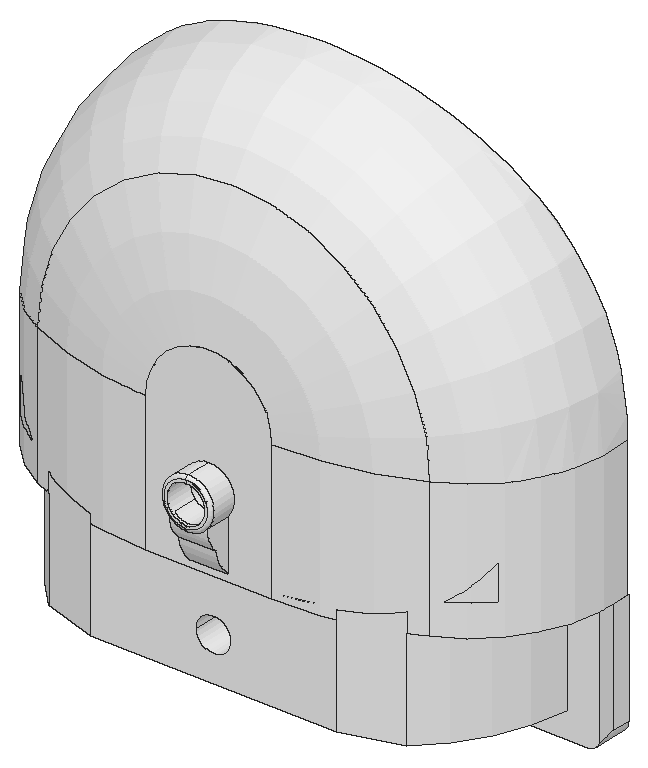
Revit family "Basin-Semi_Countertop-American_Standard-Mezzo-9960_Series", category Plumbing Fixtures, host Face, Revit 2018
Family settings
  Host = Face
  Round Connector Dimension = Use Radius
  Part Type = Normal
  OmniClass Number = 23.45.05.14.14
  OmniClass Title = Sinks/Lavatories
  Cut with Voids When Loaded = Yes
  Shared = Yes
  Room Calculation Point = No
Parameters (values of type "9960.001")
  Width = 22"
  Waste Connection Radius = 5/8"
  Waste Connection Height = 20 3/8"  # constant formula
  Waste Connection Diameter = Waste Connection Radius * 2  # 1 1/4"
  Waste Connection = yes
  Warranty Information = "Limited Lifetime Warranty"  # constant formula
  WFU = 2
  Vent Connection = no
  URL = "http://www.americanstandard-us.com"
  Type Comments = ""
  Symbolic 3 Lines = no
  Symbolic 2 Lines = no
  Symbolic 1 Lines = no
  Revised Date = "12/20/2021"  # constant formula
  Product Page URL = "https://www.americanstandard-us.com/Commercial-Countertop-Sinks/Mezzo-Semi-Countertop-Sink-With-Center-Hole-Only/WHITE-9960001020"
  Product Documentation Link = "https://americanstandard.box.com/shared/static/7pckchl0ydj44dkda63e35n36wett4ki.pdf"
  Price = "Prices may vary. Please consult Manufacturer Representative for most up-to-date price list."  # constant formula
  Overflow Void Length = 5.51246"
  Model = "9960.001"
  Material = "Fire Clay-American Standard-020-White"
  Manufacturer = "American Standard"
  Length = 21 1/2"
  Installation Type = "Semi-Counter Mounted"
  IAPMO Compliance = "ASME A112.19.2/CSA B45.1"  # constant formula
  Hot Water Connection Width = Cold Water Connection Width  # 4"
  Hot Water Connection Radius = Cold Water Connection Radius  # 3/16"
  Hot Water Connection Height = Cold Water Connection Height  # 22 1/8"
  Hot Water Connection Diameter = Hot Water Connection Radius * 2  # 3/8"
  Holes Diameter = 1 3/8"
  Hole Punch Location = 24"
  Height = 8 1/4"
  HWFU = 1.5
  HW Connection = yes
  Finish = Fire Clay-American Standard-020-White
  Extra Hole = 14"
  Description = "A larger sink for a little space. This innovative Mezzo Semi-Countertop sink with 8 in. center-set is best suited for modern bathrooms. Its space-saving design can be installed on a countertop or console with just a 13 in. minimum depth. Made from durable, time-tested Fire Clay. Available with a single hole, center hole plus soap-dispenser hole, or 4 in. or 8 in. center faucet holes."  # constant formula
  Default Elevation = 33 5/8"
  Creation Date = "6/9/2014"  # constant formula
  Cold Water Connection Width = 4"  # constant formula
  Cold Water Connection Radius = 3/16"
  Cold Water Connection Height = 22 1/8"  # constant formula
  Cold Water Connection Diameter = Cold Water Connection Radius * 2  # 3/8"
  CWFU = 1.5
  CW Connection = yes
  Assembly Code = "D2010310"
  ADA Compliant = yes
Types (8): name | Symbolic 3 Lines | Symbolic 2 Lines | Symbolic 1 Lines | Product Page URL | Product Documentation Link | Overflow Void Length | Model | Holes Diameter | Hole Punch Location | Extra Hole | Default Elevation
  (no name) | no | no | no | "https://www.americanstandard-us.com/Commercial-Countertop-Sinks/Mezzo-Semi-Countertop-Sink-With-Center-Hole-Only/WHITE-9960001020" | "https://americanstandard.box.com/shared/static/7pckchl0ydj44dkda63e35n36wett4ki.pdf" | 5.51246" | "9960.001" | 1 3/8" | 24" | 14" | 33 5/8"
  9960.001 | no | no | no | "https://www.americanstandard-us.com/Commercial-Countertop-Sinks/Mezzo-Semi-Countertop-Sink-With-Center-Hole-Only/WHITE-9960001020" | "https://americanstandard.box.com/shared/static/7pckchl0ydj44dkda63e35n36wett4ki.pdf" | 5.51246" | "9960.001" | 1 3/8" | 24" | 14" | 33 5/8"
  9960.803 | no | yes | no | "https://www.americanstandard-us.com/Commercial-Countertop-Sinks/Mezzo-Semi-Countertop-Sink-With-8-Inch-Widespread/WHITE-9960803020" | "https://americanstandard.box.com/shared/static/7pckchl0ydj44dkda63e35n36wett4ki.pdf" | 5.51246" | "9960.803" | 1 3/8" | 8" | 12" | 34"
  9960.403 | no | no | yes | "https://www.americanstandard-us.com/Commercial-Countertop-Sinks/Mezzo-Semi-Countertop-Sink-With-4-Inch-Centerset/WHITE-9960403020" | "https://americanstandard.box.com/shared/static/teunng7plpmk6ia01nszhtq8pp23izeu.pdf" | 5.51246" | "9960.403" | 1 1/4" | 4" | 14" | 34"
  9960.070 | yes | no | no | "https://www.americanstandard-us.com/Commercial-Countertop-Sinks/Mezzo-Semi-Countertop-Sink-Center-Hole-Only-with-Extra-Hole-for-Lotion-Dispenser/WHITE-9960070020" | "" | 4" | "9960.070" | 1 3/8" | 24" | 3 3/4" | 34"
  9960.908 | no | yes | no | "https://www.americanstandard-us.com/Commercial-Countertop-Sinks/Mezzo-Semi-Countertop-Sink-Less-Overflow-with-8-Inch-Widespread/WHITE-9960908020" | "" | 4" | "9960.908" | 1 3/8" | 8" | 12" | 34"
  9960.904 | no | no | yes | "https://www.americanstandard-us.com/Commercial-Countertop-Sinks/Mezzo-Semi-Countertop-Sink-Less-Overflow-with-4-Inch-Centerset/WHITE-9960904020" | "" | 4" | "9960.904" | 1 1/4" | 4" | 14" | 34"
  9960.901 | no | no | no | "https://www.americanstandard-us.com/Commercial-Countertop-Sinks/Mezzo-Semi-Countertop-Sink-Less-Overflow-with-Center-Hole-Only/WHITE-9960901020" | "" | 4" | "9960.901" | 1 3/8" | 24" | 14" | 34"
Reference planes (in)
  plane 1 "Center (Front/Back)": y = 0
  plane 2: z = 0
  plane 3 "Center (Left/Right)": x = 0
  plane 4: z = 21.5
  plane 5: x = 11
  plane 6: x = -11
  plane 7: x = 9.5
  plane 8: x = -9.5
  plane 9: z = 8
  plane 10: z = 2.75
  plane 11: z = 20
  plane 12: z = 5
  plane 13: y = 1.375
  plane 14: y = -6.875
  plane 15: y = -4.375
  plane 16 "Finished Floor": y = -33.625
  plane 17: y = -11.5
  plane 18: y = -13.25
  plane 19: x = -2
  plane 20: x = 2
  plane 21: z = 3.25
  plane 22: x = 12
  plane 23: x = -12
  plane 24: x = 14
  plane 25: z = 5.5
  plane 26: x = 3.75
  plane 27: z = 2
  plane 28: z = 23.5
  plane 29: z = 10
  plane 30: x = -4
  plane 31: x = 4
Forms (in)
  Extrusion 1, solid, not visible
    sketch origin (0, 0, 0) x (1, 0, 0) y (0, 1, 0)
      loop
        circle (0, -13.25) r 0.625
      loop
        circle (-4, -11.5) r 0.1875
      loop
        circle (4, -11.5) r 0.1875
    from 0 to -0.03125
  Sweep 2, solid, material "Fire Clay-American Standard-020-White" <- "Finish"
    path origin (0, 0, 2) x (1, 0, 0) y (0, 0, 1)
      loop
        line (-11, 5) -> (-11, 10.5)
        arc (-11, 10.5) -> (0, 21.5) -> (11, 10.5) r 11
        line (11, 10.5) -> (11, 5)
    profile origin (0, 0, 23.5) x (0, 0, 1) y (0, -1, 0)
      loop
        arc (-0.05017, -1.375) -> (-0.67283, 2.07026) -> (-3.18836, 4.50534) r 5.71298
        arc (-3.18836, 4.50534) -> (-5.76649, 5.42688) -> (-8.48646, 5.7395) r 11.98911
        line (-8.48646, 5.7395) -> (-8.48646, 5.50121)
        arc (-8.48646, 5.50121) -> (-6.52386, 5.33616) -> (-4.61641, 4.84564) r 11.75083
        arc (-4.61641, 4.84564) -> (-3.08417, 3.93099) -> (-2.03644, 2.48649) r 4.43515
        arc (-2.03644, 2.48649) -> (-1.63563, 1.27185) -> (-1.5, 0) r 6.03093
        line (-1.5, 0) -> (-1.5, -1.375) -> (-0.05017, -1.375)
  Extrusion 3, void
    sketch origin (0, 0, 2) x (0, 1, 0) y (0, 0, 1)
      loop
        line (2.125, 21.66135) -> (-0.06575, 21.66135) -> (0.34746, 20.34762)
        arc (0.34746, 20.34762) -> (1.11662, 17.04107) -> (1.375, 13.65608) r 22.30205
        line (1.375, 13.65608) -> (1.375, 13.58217) -> (2.125, 13.58217) -> (2.125, 21.66135)
    from -10.94983 to 10.94983
  Extrusion 4, solid, material "Fire Clay-American Standard-020-White" <- "Finish"
    sketch origin (0, 0, 2) x (1, 0, 0) y (0, 0, 1)
      loop
        arc (9.5, 7.63371) -> (8.2818, 6.32245) -> (6.63297, 5.62619) r 4.2668
        arc (6.63297, 5.62619) -> (0, 5) -> (-6.63297, 5.62619) r 35.4432
        arc (-6.63297, 5.62619) -> (-8.2818, 6.32245) -> (-9.5, 7.63371) r 4.2668
        line (-9.5, 7.63371) -> (-9.5, 5) -> (-11, 5) -> (-11, 0.5)
        arc (-11, 0.5) -> (-10.85355, 0.14645) -> (-10.5, 0) r 0.5
        line (-10.5, 0) -> (10.5, 0)
        arc (10.5, 0) -> (10.85355, 0.14645) -> (11, 0.5) r 0.5
        line (11, 0.5) -> (11, 5) -> (9.5, 5) -> (9.5, 7.63371)
    from -1.375 to 5.50121
  Extrusion 5, solid, material "Fire Clay-American Standard-020-White" <- "Finish"
    sketch origin (0, 0, 2) x (1, 0, 0) y (0, 0, 1)
      loop
        arc (2.51354, 10.5) -> (0, 13.01354) -> (-2.51354, 10.5) r 2.51354
        line (-2.51354, 10.5) -> (-2.51354, 5) -> (2.51354, 5) -> (2.51354, 10.5)
      loop
        circle (0, 8) r 0.75
    from 5.50121 to 5.7395
  Extrusion 6, void
    sketch origin (0, 0, 2) x (1, 0, 0) y (0, 0, 1)
      loop
        arc (9.5, 7.63371) -> (8.2818, 6.32245) -> (6.63297, 5.62619) r 4.2668
        arc (6.63297, 5.62619) -> (0, 5) -> (-6.63297, 5.62619) r 35.4432
        arc (-6.63297, 5.62619) -> (-8.2818, 6.32245) -> (-9.5, 7.63371) r 4.2668
        line (-9.5, 7.63371) -> (-9.5, 4.6207)
        arc (-9.5, 4.6207) -> (-8.73942, 2.50032) -> (-6.8045, 1.34681) r 3.33594
        arc (-6.8045, 1.34681) -> (0, 0.6875) -> (6.8045, 1.34681) r 35.4432
        arc (6.8045, 1.34681) -> (8.73942, 2.50032) -> (9.5, 4.6207) r 3.33594
        line (9.5, 4.6207) -> (9.5, 7.63371)
    from -1.375 to -0.875
  Extrusion 7, void
    sketch origin (0, 0, 2) x (1, 0, 0) y (0, 1, 0)
      loop
        arc (-7.81164, -4.50534) -> (-10.13786, -2.39832) -> (-11, 0.61955) r 5.71298
        line (-11, 0.61955) -> (-11, -6.4895) -> (11, -6.4895) -> (11, 0.61955)
        arc (11, 0.61955) -> (10.13786, -2.39832) -> (7.81164, -4.50534) r 5.71298
        arc (7.81164, -4.50534) -> (5.23351, -5.42688) -> (2.51354, -5.7395) r 11.98911
        line (2.51354, -5.7395) -> (-2.51354, -5.7395)
        arc (-2.51354, -5.7395) -> (-5.23351, -5.42688) -> (-7.81164, -4.50534) r 11.98911
    from 0 to 8.51756
  Revolve 8, solid, material "Fire Clay-American Standard-020-White" <- "Finish"
    sketch origin (0, 0, 2) x (0, 1, 0) y (0, 0, 1)
      loop
        arc (-6.75, 9) -> (-6.83839, 8.96339) -> (-6.875, 8.875) r 0.125
        line (-6.875, 8.875) -> (-6.875, 8.75) -> (-5.7395, 8.75) -> (-5.7395, 9) -> (-6.75, 9)
      axis (-6.875, 8) -> (-5.7395, 8)
    angle from 0 to 360
  Extrusion 9, solid, material "Fire Clay-American Standard-020-White" <- "Finish"
    sketch origin (-0.16839, 0, 2) x (0, 1, 0) y (0, 0, 1)
      loop
        line (-5.56904, 5.1366) -> (-5.56904, 7.49604) -> (-6.7332, 7.49604)
        arc (-6.7332, 7.49604) -> (-6.68679, 6.86344) -> (-6.31817, 6.34725) r 1.17441
        arc (-6.31817, 6.34725) -> (-6.0617, 5.66885) -> (-5.56904, 5.1366) r 1.89381
    from -0.58161 to 0.91839
  Extrusion 10, void
    sketch origin (0, 0, 2) x (1, 0, 0) y (0, 0, 1)
      loop
        circle (0, 8) r 0.75
    from 4.88762 to 6.875
  Extrusion 11, void
    sketch origin (0, 0, 2) x (1, 0, 0) y (0, 1, 0)
      loop
        circle (0, -0.63728) r 0.375
    from 3.68164 to 5.51246 <- "Overflow Void Length"
  Extrusion 12, void
    sketch origin (0, 0, 2) x (1, 0, 0) y (0, 1, 0)
      loop
        line (-8.56122, -5) -> (-6.91386, -5)
        arc (-6.91386, -5) -> (-8.76778, -2.76885) -> (-9.63296, 0) r 7.47683
        line (-9.63296, 0) -> (-11.28032, 0)
        arc (-11.28032, 0) -> (-10.41514, -2.76885) -> (-8.56122, -5) r 7.47683
      loop
        arc (8.56122, -5) -> (10.41514, -2.76885) -> (11.28032, 0) r 7.47683
        line (11.28032, 0) -> (9.63296, 0)
        arc (9.63296, 0) -> (8.76778, -2.76885) -> (6.91386, -5) r 7.47683
        line (6.91386, -5) -> (8.56122, -5)
    from 0 to 6.28023
  Extrusion 13, void
    sketch origin (0, 0, 2) x (1, 0, 0) y (0, 0, 1)
      loop
        circle (12, 2.75) r 0.6875
      loop
        circle (0, 2.75) r 0.6875
      loop
        circle (-12, 2.75) r 0.6875
      loop
        circle (14, 3.5) r 0.6875
    from -1.91072 to 5.50121
  Extrusion 14, void
    sketch origin (0, 0, 2) x (0, 1, 0) y (0, 0, 1)
      loop
        line (0, 1) -> (-6.875, 1) -> (-6.875, 0) -> (0, 0) -> (0, 1)
    from -11.28032 to 11.28032
  Extrusion 15, void
    sketch origin (0, 0, 0) x (1, 0, 0) y (0, 0, 1)
      loop
        line (-9.5, 12.5) -> (-9.5, 6.6207)
        arc (-9.5, 6.6207) -> (-8.73942, 4.50032) -> (-6.8045, 3.34681) r 3.33594
        arc (-6.8045, 3.34681) -> (0, 2.6875) -> (6.8045, 3.34681) r 35.4432
        arc (6.8045, 3.34681) -> (8.73942, 4.50032) -> (9.5, 6.6207) r 3.33594
        line (9.5, 6.6207) -> (9.5, 12.5)
        arc (9.5, 12.5) -> (0, 22) -> (-9.5, 12.5) r 9.5
    from 6.875 to -1.375
Cuts and joins
  Extrusion 3, Extrusion 10 cuts Sweep 2
  Extrusion 6, Extrusion 7, Extrusion 11, Extrusion 12, Extrusion 13, Extrusion 14 cuts Extrusion 4
  Extrusion 7, Extrusion 10 cuts Extrusion 5
  Extrusion 10 cuts Revolve 8
  Extrusion 10 cuts Extrusion 9
  joined: Sweep 2, Extrusion 4, Extrusion 5, Revolve 8, Extrusion 9
Lines and regions (in)
  Masking region 1
    outline origin (0, 0, 2) x (1, 0, 0) y (0, 0, 1)
      loop
        arc (11, 10.5) -> (0, 21.5) -> (-11, 10.5) r 11
        line (-11, 10.5) -> (-11, 0.5)
        arc (-11, 0.5) -> (-10.85355, 0.14645) -> (-10.5, 0) r 0.5
        line (-10.5, 0) -> (10.5, 0)
        arc (10.5, 0) -> (10.85355, 0.14645) -> (11, 0.5) r 0.5
        line (11, 0.5) -> (11, 10.5)
  symbolic lines, style "PlumbingFixtures"
    curve 1: line (11, 0, 2.5) -> (11, 0, 12.5)
    curve 2: line (-10.5, 0, 2) -> (10.5, 0, 2)
    curve 3: line (-11, 0, 12.5) -> (-11, 0, 2.5)
    curve 4: arc (11, 0, 2.5) -> (10.85355, 0, 2.14645) -> (10.5, 0, 2) r 0.5
    curve 5: arc (-10.5, 0, 2) -> (-10.85355, 0, 2.14645) -> (-11, 0, 2.5) r 0.5
  symbolic lines, style "PlumbingFixtures", visible <- "Symbolic 2 Lines", detail levels medium+fine
    curve 6: circle (4, 0, 4.75) r 0.6875 normal (0, -1, 0)
    curve 7: circle (-4, 0, 4.75) r 0.6875 normal (0, -1, 0)
  symbolic lines, style "PlumbingFixtures", detail levels medium+fine
    curve 8: circle (0, 0, 4.75) r 0.6875 normal (0, -1, 0)
    curve 9: circle (0, 0, 10) r 0.75 normal (0, -1, 0)
    curve 10: arc (6.8045, 0, 3.34681) -> (8.73942, 0, 4.50032) -> (9.5, 0, 6.6207) r 3.33594
    curve 11: arc (-6.8045, 0, 3.34681) -> (0, 0, 2.6875) -> (6.8045, 0, 3.34681) r 35.4432
    curve 12: arc (-9.5, 0, 6.6207) -> (-8.73942, 0, 4.50032) -> (-6.8045, 0, 3.34681) r 3.33594
    curve 13: line (-9.5, 0, 6.6207) -> (-9.5, 0, 12.5)
    curve 14: arc (-9.5, 0, 12.5) -> (0, 0, 22) -> (9.5, 0, 12.5) r 9.5
    curve 15: line (9.5, 0, 12.5) -> (9.5, 0, 6.6207)
    curve 16: arc (9.5, 0, 9.63371) -> (8.2818, 0, 8.32245) -> (6.63297, 0, 7.62619) r 4.2668
    curve 17: arc (6.63297, 0, 7.62619) -> (0, 0, 7) -> (-6.63297, 0, 7.62619) r 35.4432
    curve 18: arc (-6.63297, 0, 7.62619) -> (-8.2818, 0, 8.32245) -> (-9.5, 0, 9.63371) r 4.2668
  symbolic lines, style "PlumbingFixtures", visible <- "Symbolic 1 Lines", detail levels medium+fine
    curve 19: circle (2, 0, 4.75) r 0.625 normal (0, -1, 0)
    curve 20: circle (-2, 0, 4.75) r 0.625 normal (0, 1, 0)
  symbolic lines, style "PlumbingFixtures", visible <- "Symbolic 3 Lines", detail levels medium+fine
    curve 21: circle (3.75, 0, 5.5) r 0.6875 normal (0, -1, 0)
Dimensions and locks (in)
  "Default Elevation": plane 16 "Finished Floor" to plane 1 "Center (Front/Back)"
  "Cold Water Connection Height": plane 16 "Finished Floor" to plane 17
  "Waste Connection Height": plane 16 "Finished Floor" to plane 18
  locked: plane 14 to plane 13 at 8.25
  "Hole Punch Location": plane 22 to plane 23
  equal spacing: plane 22, plane 3 "Center (Left/Right)", plane 23
  "Extra Hole": plane 24 to plane 3 "Center (Left/Right)"
  plane 6 to plane 5 = 22"
  plane 8 to plane 7 = 19"
  plane 27 to plane 28 = 21 1/2"
  plane 27 to plane 29 = 8"
  "Hot Water Connection Width": plane 30 to plane 3 "Center (Left/Right)"
  "Cold Water Connection Width": plane 3 "Center (Left/Right)" to plane 31
  "Holes Diameter": diameter of Extrusion 13 sketch curve  (x4)
  "Hot Water Connection Diameter": diameter of Extrusion 1 sketch curve
  "Cold Water Connection Diameter": diameter of Extrusion 1 sketch curve
  "Waste Connection Diameter": diameter of Extrusion 1 sketch curve
  aligned and locked: plane 2 to host face
  aligned and locked: level to host face
  aligned and locked: plane 22 to Extrusion 13 sketch curve
  aligned and locked: plane 23 to Extrusion 13 sketch curve
  aligned and locked: plane 17 to Extrusion 1 sketch curve  (x2)
  aligned and locked: plane 30 to Extrusion 1 sketch curve
  aligned and locked: plane 31 to Extrusion 1 sketch curve
  aligned and locked: plane 18 to Extrusion 1 sketch curve
  aligned and locked: plane 3 "Center (Left/Right)" to Extrusion 1 sketch curve
Automatic sketch dimensions
  host sketch curve to host sketch curve = 96"  (x2)
  Sweep 2 sketch curve to plane 6 = 0"
  Sweep 2 sketch curve to plane 3 "Center (Left/Right)" = 0"
  plane 9 to Sweep 2 sketch curve = 4 1/2"
  Sweep 2 sketch curve to plane 9 = 1"  (x2)
  Sweep 2 sketch curve to Sweep 2 sketch curve = 0"  (x3)
  Sweep 2 sketch curve to profile plane = 0"
  profile plane to Sweep 2 sketch curve = 8.48646"
  Sweep 2 sketch curve to Sweep 2 sketch curve = 0.95552"
  profile plane to Sweep 2 sketch curve = 0.65793"
  Sweep 2 sketch curve to Sweep 2 sketch curve = 1.45384"
  Sweep 2 sketch curve to profile plane = 0.61955"
  Sweep 2 sketch curve to Sweep 2 sketch curve = 0.36411"
  profile plane to Sweep 2 sketch curve = 1 1/2"
  profile plane to Sweep 2 sketch curve = 0.05017"
  Sweep 2 sketch curve to profile plane = 1 3/8"
  Sweep 2 sketch curve to profile plane = 6.24961"
  Sweep 2 sketch curve to Sweep 2 sketch curve = 0.99588"
  Sweep 2 sketch curve to Sweep 2 sketch curve = 61/256"
  Extrusion 4 sketch curve to plane 6 = 0"
  Extrusion 4 sketch curve to plane 8 = 0"
  Extrusion 4 sketch curve to plane 3 "Center (Left/Right)" = 0"
  plane 7 to Extrusion 4 sketch curve = 0"
  plane 5 to Extrusion 4 sketch curve = 0"
  plane 6 to Extrusion 4 sketch curve = 1/2"
  plane 8 to Extrusion 4 sketch curve = 3.66554"
  plane 7 to Extrusion 4 sketch curve = 3.66554"
  Extrusion 4 sketch curve to plane 10 = 1/4"
  plane 5 to Extrusion 4 sketch curve = 1/2"
  Extrusion 4 sketch curve to plane 9 = 1"  (x2)
  plane 9 to Extrusion 4 sketch curve = 1.63371"  (x2)
  plane 9 to Extrusion 4 sketch curve = 3.8176"  (x2)
  plane 4 to Extrusion 4 sketch curve = 20.9432"
  Extrusion 4 sketch curve to Extrusion 4 sketch curve = 0"
  Extrusion 5 sketch curve to plane 3 "Center (Left/Right)" = 0"  (x2)
  Extrusion 5 sketch curve to plane 19 = 0.51354"
  Extrusion 5 sketch curve to plane 9 = 1"
  plane 9 to Extrusion 5 sketch curve = 2"
  Extrusion 5 sketch curve to Extrusion 5 sketch curve = 2 1/2"
  Extrusion 6 sketch curve to plane 8 = 0"
  Extrusion 6 sketch curve to plane 3 "Center (Left/Right)" = 0"  (x2)
  plane 7 to Extrusion 6 sketch curve = 0"
  Extrusion 6 sketch curve to plane 9 = 1.3793"  (x2)
  plane 8 to Extrusion 6 sketch curve = 3 43/128"
  plane 8 to Extrusion 6 sketch curve = 3.66554"
  plane 7 to Extrusion 6 sketch curve = 3.66554"
  Extrusion 6 sketch curve to Extrusion 6 sketch curve = 3 43/128"
  plane 9 to Extrusion 6 sketch curve = 1.63371"  (x2)
  plane 9 to Extrusion 6 sketch curve = 3.8176"  (x2)
  plane 4 to Extrusion 6 sketch curve = 16.6307"
  Extrusion 6 sketch curve to Extrusion 6 sketch curve = 4 5/16"
  Extrusion 6 sketch curve to Extrusion 6 sketch curve = 0"  (x2)
  Extrusion 7 sketch curve to plane 6 = 0"  (x2)
  Extrusion 7 sketch curve to plane 5 = 0"  (x2)
  Extrusion 7 sketch curve to plane 1 "Center (Front/Back)" = 0.61955"  (x2)
  Extrusion 7 sketch curve to plane 19 = 3.28702"
  Extrusion 7 sketch curve to plane 19 = 0.51354"
  Extrusion 7 sketch curve to plane 20 = 0.51354"
  Extrusion 7 sketch curve to plane 20 = 3.28702"
  Extrusion 7 sketch curve to plane 14 = 1.1355"
  Extrusion 7 sketch curve to plane 14 = 0.3855"
  Extrusion 7 sketch curve to plane 13 = 4.87461"  (x2)
  Extrusion 7 sketch curve to Extrusion 7 sketch curve = 0"  (x2)
  Revolve 8 sketch curve to plane 14 = 0"
  Revolve 8 sketch curve to plane 14 = 1/8"
  Revolve 8 sketch curve to Revolve 8 sketch curve = 1.0105"
  plane 9 to Revolve 8 sketch curve = 2 3/4"
  Revolve 8 sketch curve to Revolve 8 sketch curve = 1/8"
  Revolve 8 sketch curve to Revolve 8 sketch curve = 0"
  Revolve 8 sketch curve to Revolve 8 sketch curve = 0.35526"
  Revolve 8 sketch curve to Revolve 8 sketch curve = 3/4"
  Extrusion 9 sketch curve to plane 14 = 0.1418"
  Extrusion 9 sketch curve to Extrusion 9 sketch curve = 1.15095"
  plane 15 to Extrusion 9 sketch curve = 1.19404"
  plane 15 to Extrusion 9 sketch curve = 0.07627"
  Extrusion 9 sketch curve to plane 9 = 0.8634"
  plane 9 to Extrusion 9 sketch curve = 0.66535"
  plane 9 to Extrusion 9 sketch curve = 1.26248"
  Extrusion 9 sketch curve to Extrusion 9 sketch curve = 0.23356"
  Extrusion 10 sketch curve to plane 3 "Center (Left/Right)" = 0"
  plane 9 to Extrusion 10 sketch curve = 2"
  Extrusion 11 sketch curve to plane 3 "Center (Left/Right)" = 0"
  plane 1 "Center (Front/Back)" to Extrusion 11 sketch curve = 0.63728"
  plane 1 "Center (Front/Back)" to Extrusion 12 sketch curve = 0"  (x2)
  Extrusion 12 sketch curve to plane 6 = 0.28032"
  Extrusion 12 sketch curve to plane 8 = 0.13296"
  plane 15 to Extrusion 12 sketch curve = 5/8"  (x2)
  plane 8 to Extrusion 12 sketch curve = 0.93878"
  Extrusion 12 sketch curve to Extrusion 12 sketch curve = 1.64736"  (x2)
  plane 13 to Extrusion 12 sketch curve = 0.57183"  (x2)
  Extrusion 12 sketch curve to plane 19 = 0.19939"
  Extrusion 12 sketch curve to plane 20 = 0.19939"
  plane 7 to Extrusion 12 sketch curve = 2.58614"
  plane 7 to Extrusion 12 sketch curve = 0.93878"
  Extrusion 12 sketch curve to plane 7 = 0.13296"
  Extrusion 14 sketch curve to plane 14 = 0"
  Extrusion 14 sketch curve to plane 1 "Center (Front/Back)" = 0"
  Extrusion 14 sketch curve to plane 10 = 3/4"
  plane 10 to Extrusion 14 sketch curve = 1/4"
  Masking region 1 sketch curve to plane 6 = 0"
  Masking region 1 sketch curve to plane 3 "Center (Left/Right)" = 0"
  plane 6 to Masking region 1 sketch curve = 1/2"
  Masking region 1 sketch curve to Masking region 1 sketch curve = 1/2"
  Masking region 1 sketch curve to plane 10 = 3/4"
  plane 9 to Masking region 1 sketch curve = 4 1/2"
  Extrusion 15 sketch curve to plane 3 "Center (Left/Right)" = 0"  (x2)
  plane 9 to Extrusion 15 sketch curve = 4 1/2"
  Extrusion 15 sketch curve to plane 9 = 1.3793"  (x2)
  plane 7 to Extrusion 15 sketch curve = 3 43/128"
  plane 21 to Extrusion 15 sketch curve = 0.09681"  (x2)
  plane 8 to Extrusion 15 sketch curve = 2.6955"
  Extrusion 15 sketch curve to plane 8 = 0"
  curve 5 to plane 6 = 0"
  curve 12 to plane 8 = 0"
  curve 20 to plane 19 = 0"
  curve 8 to plane 3 "Center (Left/Right)" = 0"
  curve 9 to plane 3 "Center (Left/Right)" = 0"
  curve 17 to plane 3 "Center (Left/Right)" = 0"
  curve 11 to plane 3 "Center (Left/Right)" = 0"
  curve 14 to plane 3 "Center (Left/Right)" = 0"
  plane 20 to curve 19 = 0"
  curve 21 to plane 25 = 0"
  curve 21 to plane 26 = 0"
  plane 5 to curve 1 = 0"
  plane 6 to curve 2 = 1/2"
  plane 25 to curve 12 = 1.1207"
  curve 13 to curve 12 = 3 43/128"
  plane 8 to curve 18 = 3.66554"
  curve 7 to plane 12 = 1/4"
  curve 7 to plane 19 = 2"
  plane 26 to curve 6 = 1/4"
  plane 26 to curve 16 = 2.08446"
  plane 25 to curve 10 = 1.1207"
  plane 26 to curve 10 = 2 53/128"
  plane 5 to curve 2 = 1/2"
  curve 5 to plane 10 = 1/4"
  curve 19 to plane 12 = 1/4"
  curve 6 to plane 12 = 1/4"
  curve 20 to plane 12 = 1/4"
  curve 8 to plane 12 = 1/4"
  plane 9 to curve 9 = 2"
  plane 9 to curve 16 = 3.8176"
  plane 9 to curve 18 = 3.8176"
  curve 16 to curve 15 = 0.6824"
  plane 4 to curve 11 = 16.6307"
  curve 11 to curve 17 = 4 5/16"
  curve 11 to curve 12 = 0"
  curve 17 to plane 9 = 0.37381"
  curve 18 to curve 17 = 0"
  curve 16 to curve 17 = 0"
  curve 1 to curve 15 = 0"
  curve 3 to curve 14 = 0"
  Extrusion 13 sketch curve to plane 3 "Center (Left/Right)" = 0"
  Extrusion 13 sketch curve to plane 24 = 0"
  Extrusion 13 sketch curve to plane 25 = 0"
  Extrusion 13 sketch curve to plane 12 = 1/4"  (x3)
  Extrusion 3 sketch curve to plane 13 = 0"
  Extrusion 3 sketch curve to plane 1 "Center (Front/Back)" = 0.34746"
  plane 1 "Center (Front/Back)" to Extrusion 3 sketch curve = 0.06575"
  plane 18 to Extrusion 3 sketch curve = 7.67705"
  Extrusion 3 sketch curve to plane 13 = 3/4"
  Extrusion 3 sketch curve to plane 11 = 4.41783"
  Extrusion 3 sketch curve to Extrusion 3 sketch curve = 0.07392"
  Extrusion 3 sketch curve to plane 28 = 0.16135"
  radius of Extrusion 5 sketch curve = 3/4"
  radius of Extrusion 10 sketch curve = 3/4"
  radius of Extrusion 11 sketch curve = 3/8"
  radius of curve 6 = 11/16"
  radius of curve 7 = 11/16"
  radius of curve 8 = 11/16"
  radius of curve 9 = 3/4"
  radius of curve 19 = 5/8"
  radius of curve 20 = 5/8"
  radius of curve 21 = 11/16"
Connectors (in)
  piping at (4, -11.5, -0.03125), diameter 0.375, driven by "Cold Water Connection Radius", driven by "CWFU"
    settings: on Extrusion 1, index 1, connector inside diameter 3/8", connector length 0", flow factor 0, pipe flow 0 GPM, pressure drop 0.00 psi, fitting loss kfactor 0, connector angle 0.00°, fixture units 1.5, engagement length 0", angle of deflection 0.00°, flow configuration 3, flow direction 1, fitting loss method 0, system type 20, joint type 0, gender type 0, connector reference index -1, connector utility 0, adjustable connector no, is connector primary yes, connector description "3/8\" CW Inlet"
  piping at (0, -13.25, -0.03125), diameter 1.25, driven by "Waste Connection Radius", driven by "WFU"
    settings: on Extrusion 1, index 2, connector inside diameter 1 1/4", connector length 0", flow factor 0, pipe flow 0 GPM, pressure drop 0.00 psi, fitting loss kfactor 0, connector angle 0.00°, fixture units 2, engagement length 0", angle of deflection 0.00°, flow configuration 3, flow direction 2, fitting loss method 0, system type 16, joint type 0, gender type 0, connector reference index -1, connector utility 0, adjustable connector yes, is connector primary no, connector description "1-1/4\" Waste Outlet"
  piping at (-4, -11.5, -0.03125), diameter 0.375, driven by "Hot Water Connection Radius", driven by "HWFU"
    settings: on Extrusion 1, index 3, connector inside diameter 3/8", connector length 0", flow factor 0, pipe flow 0 GPM, pressure drop 0.00 psi, fitting loss kfactor 0, connector angle 0.00°, fixture units 1.5, engagement length 0", angle of deflection 0.00°, flow configuration 3, flow direction 1, fitting loss method 0, system type 19, joint type 0, gender type 0, connector reference index -1, connector utility 0, adjustable connector no, is connector primary no, connector description "3/8\" HW Inlet"
